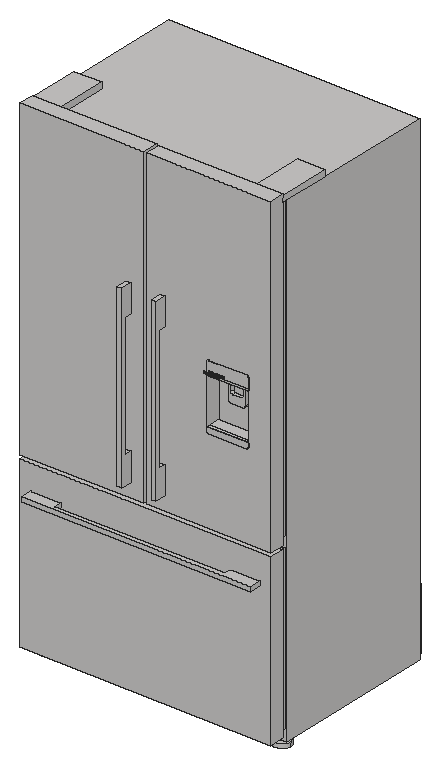
Revit family "FisherPaykel Fridge RF610ADUSX4", category Generic Models, Revit 2013
Parameters (values of type "Fisher&Paykel ActiveSmart™ Fridge - 900mm French Door with Ice & Water RF610ADUSX4")
  Width = 900.000 mm
  URL = "www.fisherpaykel.com"
  Manufacturer = "Fisher&Paykel"
  Fridge = Fridge
  Model = "RF610ADUSX4"
  Height = 1790.000 mm
  Description = "Fisher&Paykel ActiveSmart™ Fridge - 900mm French Door with Ice & Water RF610ADUSX4"
  Depth = 695.000 mm
  Brand = none
Reference planes
  plane 1 "Center (Front/Back)": y = 0
  plane 2: z = 0
  plane 3 "Center (Left/Right)": x = 0
  plane 4: x = -450
  plane 5: y = 347.5
  plane 6: y = -347.5
  plane 7: x = 450
  plane 8: z = 1790
  plane 9: y = -292.7
  plane 10: z = 24
  plane 11: z = 41.45
  plane 12: y = -388.5
  plane 13: x = -53.3
  plane 14: x = -68.7
  plane 15: z = 246
  plane 16: z = 1764
  plane 17: x = 449
  plane 18: x = 352
  plane 19: z = 255
  plane 20: z = 225
  plane 21: x = -430
  plane 22: z = 85
  plane 23: y = 367.5
  plane 24: y = -277.5
  plane 25: x = -442.5
  plane 26: x = 442.5
  plane 27: z = 14
  plane 28: x = 356
  plane 29: x = 216
  plane 30: z = 1148.5
  plane 31: z = 998.5
  plane 32: z = 1252
  plane 33: z = 968
  plane 34: x = -5
  plane 35: x = 5
  plane 36: x = 68.7
  plane 37: x = 53.3
  plane 38: z = 541.05
  plane 39: z = 556.45
  plane 40: z = 655.5
  plane 41: z = 668.583
  plane 42: z = 710.5
  plane 43: z = 1352.3
  plane 44: z = 1785
  plane 45: y = -97.5
  plane 46: x = -330
  plane 47: x = 357.5
  plane 48: y = 317.5
  plane 49: x = 413.5
  plane 50: x = 430
  plane 51: x = -305
  plane 52: x = 305
  plane 53: x = 216
  plane 54: z = 1148.5
Forms (mm)
  Extrusion 1, solid, material "Fridge" <- "Fridge"
    sketch origin (0, 0, 0) x (1, 0, 0) y (0, 1, 0)
      loop
        line (-450, 317.5) -> (-450, -277.5) -> (450, -277.5) -> (450, 317.5) -> (-450, 317.5)
    from 24 to 1764
  Extrusion 2, solid, material "Fridge" <- "Fridge"
    sketch origin (0, 0, 0) x (1, 0, 0) y (0, 0, 1)
      loop
        line (-450, 41.45) -> (450, 41.45) -> (450, 647.45) -> (-450, 647.45) -> (-450, 41.45)
      loop
        line (-450, 660.5) -> (-5, 660.5) -> (-5, 1790) -> (-450, 1790) -> (-450, 660.5)
      loop
        line (5, 1790) -> (5, 660.5) -> (450, 660.5) -> (450, 1790) -> (5, 1790)
    from 292.7 to 347.5
  Extrusion 3, solid, material "Fridge" <- "Fridge"
    sketch origin (0, 0, 0) x (0, 1, 0) y (0, 0, 1)
      loop
        line (-388.5, 1352.3) -> (-388.5, 710.5) -> (-347.5, 710.5) -> (-347.5, 810.8) -> (-374.5, 810.8) -> (-374.5, 1252) -> (-347.5, 1252) -> (-347.5, 1352.3) -> (-388.5, 1352.3)
    from -53.3 to -68.7
  Extrusion 4, solid, material "Fridge" <- "Fridge"
    sketch origin (22.5, 0, 0) x (1, 0, 0) y (0, 0, 1)
      loop
        circle (257.5, 85) r 5
    from -347.5 to -367.5
  Extrusion 5, solid, material "Fridge" <- "Fridge"
    sketch origin (0, 0, 0) x (0, 1, 0) y (0, 0, 1)
      loop
        line (-292.7, 62.7) -> (-277.5, 62.7) -> (-277.5, 642.7) -> (-292.7, 642.7) -> (-292.7, 62.7)
      loop
        line (-292.7, 683) -> (-277.5, 683) -> (-277.5, 1757.4) -> (-292.7, 1757.4) -> (-292.7, 683)
    from -442.5 to 442.5
  Extrusion 6, solid, material "Fridge" <- "Fridge"
    sketch origin (0, 0, 0) x (0, 1, 0) y (0, 0, 1)
      loop
        arc (-215.456, 24) -> (-190, 0) -> (-164.544, 24) r 25.5
        line (-164.544, 24) -> (-215.456, 24)
      loop
        line (276.956, 24) -> (226.044, 24)
        arc (226.044, 24) -> (251.5, 0) -> (276.956, 24) r 25.5
    from 376.65 to 393.35
  Extrusion 7, solid, material "Fridge" <- "Fridge"
    sketch origin (0, 0, 0) x (0, 1, 0) y (0, 0, -1)
      loop
        line (-215.456, -24) -> (-164.544, -24)
        arc (-164.544, -24) -> (-190, 0) -> (-215.456, -24) r 25.5
      loop
        arc (276.956, -24) -> (251.5, 0) -> (226.044, -24) r 25.5
        line (226.044, -24) -> (276.956, -24)
    from 376.65 to 393.35
  Extrusion 8, solid, material "Fridge" <- "Fridge"
    sketch origin (0, 0, 0) x (1, 0, 0) y (0, 0, 1)
      loop
        arc (227.5, 1201.1) -> (221.843, 1198.757) -> (219.5, 1193.1) r 8
        line (219.5, 1193.1) -> (219.5, 973.5)
        arc (219.5, 973.5) -> (221.843, 967.843) -> (227.5, 965.5) r 8
        line (227.5, 965.5) -> (362, 965.5)
        arc (362, 965.5) -> (367.657, 967.843) -> (370, 973.5) r 8
        line (370, 973.5) -> (370, 1193.1)
        arc (370, 1193.1) -> (367.657, 1198.757) -> (362, 1201.1) r 8
        line (362, 1201.1) -> (227.5, 1201.1)
    from 347.5 to 335.895
  Extrusion 9, solid, material "Fridge" <- "Fridge"
    sketch origin (0, 0, 0) x (0, 1, 0) y (0, 0, -1)
      loop
        line (-388.5, -1352.3) -> (-347.5, -1352.3) -> (-347.5, -1252) -> (-374.5, -1252) -> (-374.5, -810.8) -> (-347.5, -810.8) -> (-347.5, -710.5) -> (-388.5, -710.5) -> (-388.5, -1352.3)
    from -68.7 to -53.3
  Extrusion 10, solid, material "Fridge" <- "Fridge"
    sketch origin (985.25, 0, 629.414) x (0, 1, 0) y (-1, 0, 0)
      loop
        line (-388.5, 1395.25) -> (-388.5, 575.25) -> (-347.5, 575.25) -> (-347.5, 680.25) -> (-374.5, 680.25) -> (-374.5, 1290.25) -> (-347.5, 1290.25) -> (-347.5, 1395.25) -> (-388.5, 1395.25)
    from -72.964 to -88.364
  Extrusion 11, solid, material "Fridge" <- "Fridge"
    sketch origin (0, 0, 0) x (0, 1, 0) y (0, 0, 1)
      loop
        line (-104.905, 1785) -> (-292.7, 1785) -> (-292.7, 1764) -> (-104.905, 1764) -> (-104.905, 1785)
    from -450 to -351.271
  Extrusion 12, solid, material "Fridge" <- "Fridge"
    sketch origin (0, 0, 0) x (0, 1, 0) y (0, 0, 1)
      loop
        line (317.5, 24) -> (347.5, 24) -> (347.5, 248.82) -> (317.5, 278.82) -> (317.5, 24)
    from -430 to 430
  Extrusion 13, solid, material <- "Brand"
    sketch origin (257.19, -47.414, 1118.795) x (1, 0, 0) y (0, 0, 1)
      loop
        line (-30.953, 48.191) -> (-32.38, 42.834) -> (-31.094, 42.834) -> (-30.512, 45.035) -> (-27.529, 45.035) -> (-27.299, 45.885) -> (-30.282, 45.885) -> (-29.899, 47.34) -> (-26.756, 47.34) -> (-26.526, 48.191) -> (-30.953, 48.191)
      loop
        line (-26.37, 47.421) -> (-25.235, 47.421) -> (-25.024, 48.191) -> (-26.159, 48.191) -> (-26.37, 47.421)
      loop
        line (-26.592, 46.584) -> (-27.585, 42.834) -> (-26.45, 42.834) -> (-25.456, 46.584) -> (-26.592, 46.584)
      loop
        line (21.485, 42.834) -> (22.621, 42.834) -> (24.047, 48.191) -> (22.911, 48.191) -> (21.485, 42.834)
      loop
        spline (-19.682, 44.962) -> (-19.517, 45.32) -> (-19.341, 45.572) -> (-19.153, 45.737) -> (-18.952, 45.832) -> (-18.738, 45.876) -> (-18.508, 45.887) -> (-18.264, 45.882) -> (-18.022, 45.858) -> (-17.81, 45.8) -> (-17.657, 45.69) -> (-17.592, 45.513) -> (-17.643, 45.252)
        line (-17.643, 45.252) -> (-18.286, 42.834) -> (-17.152, 42.834) -> (-16.479, 45.379)
        spline (-16.479, 45.379) -> (-16.389, 45.941) -> (-16.539, 46.285) -> (-16.803, 46.475) -> (-17.067, 46.571) -> (-17.298, 46.611) -> (-17.511, 46.618) -> (-17.718, 46.618) -> (-17.94, 46.617) -> (-18.195, 46.613) -> (-18.507, 46.579) -> (-18.902, 46.407) -> (-19.41, 45.967)
        line (-19.41, 45.967) -> (-18.819, 48.191) -> (-19.953, 48.191) -> (-21.379, 42.834) -> (-20.244, 42.834) -> (-19.682, 44.962)
      loop
        line (-10.936, 46.584) -> (-11.93, 42.834) -> (-10.794, 42.834) -> (-10.213, 45.042)
        spline (-10.213, 45.042) -> (-10.076, 45.38) -> (-9.939, 45.609) -> (-9.796, 45.753) -> (-9.646, 45.834) -> (-9.484, 45.873) -> (-9.306, 45.893) -> (-9.115, 45.906) -> (-8.933, 45.895) -> (-8.784, 45.835) -> (-8.695, 45.704) -> (-8.689, 45.477) -> (-8.793, 45.132)
        line (-8.793, 45.132) -> (-7.722, 45.132)
        spline (-7.722, 45.132) -> (-7.605, 45.844) -> (-7.658, 46.21) -> (-7.808, 46.369) -> (-7.983, 46.455) -> (-8.159, 46.517) -> (-8.34, 46.555) -> (-8.531, 46.568) -> (-8.743, 46.561) -> (-8.983, 46.541) -> (-9.266, 46.475) -> (-9.612, 46.273) -> (-10.043, 45.842)
        line (-10.043, 45.842) -> (-9.801, 46.584) -> (-10.936, 46.584)
      loop
        line (9.569, 42.834) -> (10.392, 42.834)
        arc (10.392, 42.834) -> (10.001, 42.409) -> (9.549, 42.049) r 3.794
        arc (9.549, 42.049) -> (9.121, 41.885) -> (8.668, 41.959) r 0.881
        line (8.668, 41.959) -> (8.546, 41.188)
        arc (8.546, 41.188) -> (9.055, 41.176) -> (9.561, 41.241) r 3.394
        arc (9.561, 41.241) -> (10.199, 41.49) -> (10.719, 41.937) r 2.036
        arc (10.719, 41.937) -> (10.969, 42.261) -> (11.197, 42.601) r 6.112
        line (11.197, 42.601) -> (13.487, 46.584) -> (12.312, 46.584) -> (10.553, 43.42) -> (10.233, 46.584) -> (9.028, 46.584) -> (9.569, 42.834)
      loop
        line (14.08, 48.191) -> (12.646, 42.834) -> (13.782, 42.834) -> (14.223, 44.496) -> (15.035, 44.496) -> (16.119, 42.834) -> (17.378, 42.834) -> (15.943, 44.817) -> (18.042, 46.584) -> (16.873, 46.584) -> (15.227, 45.123) -> (14.395, 45.123) -> (15.206, 48.191) -> (14.08, 48.191)
      loop
        line (-1.576, 42.834) -> (-0.292, 42.834) -> (0.171, 44.56) -> (1.667, 44.56)
        spline (1.667, 44.56) -> (2.694, 44.606) -> (3.391, 44.734) -> (3.851, 44.93) -> (4.163, 45.179) -> (4.387, 45.479) -> (4.555, 45.835) -> (4.699, 46.253) -> (4.841, 46.732) -> (4.888, 47.232) -> (4.687, 47.686) -> (4.087, 48.027) -> (2.933, 48.191)
        line (2.933, 48.191) -> (-0.151, 48.191) -> (-1.576, 42.834)
      loop
        line (0.904, 47.34) -> (0.402, 45.444) -> (1.848, 45.444)
        spline (1.848, 45.444) -> (2.338, 45.429) -> (2.699, 45.492) -> (2.959, 45.62) -> (3.142, 45.799) -> (3.276, 46.016) -> (3.386, 46.255) -> (3.481, 46.504) -> (3.531, 46.746) -> (3.497, 46.966) -> (3.342, 47.149) -> (3.026, 47.279) -> (2.513, 47.34)
        line (2.513, 47.34) -> (0.904, 47.34)
      loop
        line (-14.963, 45.106) -> (-12.914, 45.106)
        spline (-12.914, 45.106) -> (-12.821, 45.458) -> (-12.859, 45.697) -> (-13.001, 45.845) -> (-13.218, 45.92) -> (-13.484, 45.946) -> (-13.77, 45.943) -> (-14.052, 45.926) -> (-14.315, 45.888) -> (-14.547, 45.807) -> (-14.739, 45.663) -> (-14.882, 45.436) -> (-14.963, 45.106)
      loop
        arc (-11.95, 44.545) -> (-11.803, 45.019) -> (-11.697, 45.504) r 5.692
        arc (-11.697, 45.504) -> (-11.756, 46.016) -> (-12.081, 46.416) r 0.918
        arc (-12.081, 46.416) -> (-13.12, 46.6) -> (-14.176, 46.585) r 5.573
        arc (-14.176, 46.585) -> (-15.14, 46.357) -> (-15.862, 45.678) r 1.918
        arc (-15.862, 45.678) -> (-16.288, 44.593) -> (-16.3, 43.427) r 3.23
        arc (-16.3, 43.427) -> (-15.896, 42.948) -> (-15.289, 42.794) r 1.025
        arc (-15.289, 42.794) -> (-14.279, 42.767) -> (-13.271, 42.836) r 10.666
        arc (-13.271, 42.836) -> (-12.426, 43.185) -> (-12.076, 44.03) r 1.194
        line (-12.076, 44.03) -> (-13.206, 44.03)
        spline (-13.206, 44.03) -> (-13.371, 43.751) -> (-13.583, 43.58) -> (-13.827, 43.493) -> (-14.091, 43.466) -> (-14.36, 43.476) -> (-14.621, 43.5) -> (-14.858, 43.532) -> (-15.056, 43.592) -> (-15.199, 43.702) -> (-15.268, 43.883) -> (-15.249, 44.157) -> (-15.124, 44.545)
        line (-15.124, 44.545) -> (-11.95, 44.545)
      loop
        line (18.517, 45.123) -> (20.565, 45.123)
        spline (20.565, 45.123) -> (20.658, 45.475) -> (20.62, 45.714) -> (20.479, 45.861) -> (20.262, 45.937) -> (19.996, 45.963) -> (19.709, 45.959) -> (19.427, 45.943) -> (19.165, 45.905) -> (18.932, 45.824) -> (18.74, 45.68) -> (18.598, 45.453) -> (18.517, 45.123)
      loop
        arc (21.53, 44.562) -> (21.677, 45.036) -> (21.782, 45.521) r 5.692
        arc (21.782, 45.521) -> (21.724, 46.033) -> (21.399, 46.432) r 0.918
        arc (21.399, 46.432) -> (20.359, 46.617) -> (19.303, 46.602) r 5.573
        arc (19.303, 46.602) -> (18.339, 46.374) -> (17.617, 45.695) r 1.918
        arc (17.617, 45.695) -> (17.192, 44.61) -> (17.179, 43.444) r 3.23
        arc (17.179, 43.444) -> (17.583, 42.965) -> (18.191, 42.811) r 1.025
        arc (18.191, 42.811) -> (19.201, 42.784) -> (20.209, 42.852) r 10.666
        arc (20.209, 42.852) -> (21.053, 43.202) -> (21.403, 44.047) r 1.194
        line (21.403, 44.047) -> (20.274, 44.047)
        spline (20.274, 44.047) -> (20.109, 43.768) -> (19.897, 43.597) -> (19.652, 43.51) -> (19.389, 43.483) -> (19.119, 43.493) -> (18.859, 43.517) -> (18.621, 43.549) -> (18.423, 43.609) -> (18.281, 43.719) -> (18.211, 43.9) -> (18.231, 44.174) -> (18.355, 44.562)
        line (18.355, 44.562) -> (21.53, 44.562)
      loop
        spline (8.727, 45.284) -> (8.767, 45.928) -> (8.592, 46.284) -> (8.282, 46.453) -> (7.919, 46.532) -> (7.547, 46.581) -> (7.16, 46.613) -> (6.754, 46.635) -> (6.321, 46.653) -> (5.868, 46.636) -> (5.423, 46.498) -> (5.014, 46.149) -> (4.67, 45.5)
        line (4.67, 45.5) -> (5.814, 45.5)
        arc (5.814, 45.5) -> (5.967, 45.868) -> (6.335, 46.02) r 0.521
        arc (6.335, 46.02) -> (6.897, 46.061) -> (7.449, 45.943) r 2.007
        arc (7.449, 45.943) -> (7.583, 45.269) -> (7.371, 44.615) r 1.364
        spline (7.371, 44.615) -> (6.424, 45.044) -> (5.63, 45.037) -> (5.005, 44.895) -> (4.533, 44.62) -> (4.211, 44.207) -> (4.069, 43.733) -> (4.108, 43.327) -> (4.335, 43.062) -> (4.808, 42.891) -> (5.514, 42.795) -> (6.382, 42.886) -> (7.26, 43.62)
        line (7.26, 43.62) -> (6.939, 42.834) -> (8.074, 42.834) -> (8.727, 45.284)
      loop
        spline (-25.881, 44.015) -> (-25.255, 42.812) -> (-23.957, 42.72) -> (-22.857, 42.862) -> (-22.011, 43.217) -> (-21.479, 43.851) -> (-21.425, 44.564) -> (-22.045, 44.999) -> (-23.23, 45.073) -> (-24.086, 45.198) -> (-24.196, 45.636) -> (-23.255, 46.038) -> (-22.313, 45.557)
        line (-22.313, 45.557) -> (-21.218, 45.557)
        spline (-21.218, 45.557) -> (-21.772, 46.528) -> (-22.971, 46.655) -> (-24.028, 46.598) -> (-24.852, 46.281) -> (-25.276, 45.566) -> (-25.313, 44.789) -> (-24.554, 44.462) -> (-23.468, 44.41) -> (-22.718, 44.271) -> (-22.607, 43.826) -> (-23.648, 43.358) -> (-24.592, 44.015)
        line (-24.592, 44.015) -> (-25.881, 44.015)
      loop
        arc (-2.802, 43.918) -> (-2.582, 44.437) -> (-2.453, 44.986) r 3.302
        line (-2.453, 44.986) -> (-3.196, 45.227)
        arc (-3.196, 45.227) -> (-3.295, 44.819) -> (-3.413, 44.415) r 8.608
        line (-3.413, 44.415) -> (-4.724, 45.477)
        spline (-4.724, 45.477) -> (-2.926, 45.913) -> (-2.429, 46.343) -> (-2.214, 46.922) -> (-2.312, 47.512) -> (-2.737, 47.807) -> (-3.315, 47.955) -> (-3.996, 48.038) -> (-4.775, 48.04) -> (-5.5, 47.89) -> (-6.064, 47.528) -> (-6.458, 46.921) -> (-6.256, 45.661)
        spline (-6.256, 45.661) -> (-7.342, 45.209) -> (-7.649, 44.733) -> (-7.781, 44.258) -> (-7.865, 43.731) -> (-7.774, 43.274) -> (-7.431, 43.02) -> (-6.975, 42.879) -> (-6.484, 42.802) -> (-5.939, 42.775) -> (-5.243, 42.772) -> (-4.344, 42.861) -> (-3.352, 43.364)
        line (-3.352, 43.364) -> (-2.466, 42.663) -> (-1.914, 43.215) -> (-2.802, 43.918)
      loop
        spline (-5.654, 45.33) -> (-6.41, 45.069) -> (-6.703, 44.63) -> (-6.848, 44.173) -> (-6.91, 43.787) -> (-6.825, 43.52) -> (-6.595, 43.372) -> (-6.273, 43.299) -> (-5.886, 43.268) -> (-5.406, 43.26) -> (-4.799, 43.263) -> (-4.149, 43.364) -> (-3.637, 43.735)
        line (-3.637, 43.735) -> (-5.654, 45.33)
      loop
        line (-5.087, 45.771) -> (-4.053, 45.935)
        spline (-4.053, 45.935) -> (-3.356, 46.297) -> (-3.248, 46.698) -> (-3.281, 46.97) -> (-3.456, 47.117) -> (-3.774, 47.172) -> (-4.164, 47.178) -> (-4.56, 47.158) -> (-4.909, 47.108) -> (-5.187, 47.005) -> (-5.427, 46.785) -> (-5.548, 46.388) -> (-5.087, 45.771)
      loop
        arc (6.715, 43.641) -> (6.681, 44.18) -> (6.217, 44.456) r 0.578
        arc (6.217, 44.456) -> (5.822, 44.446) -> (5.434, 44.377) r 2.611
        arc (5.434, 44.377) -> (5.07, 44.096) -> (5.024, 43.64) r 0.582
        arc (5.024, 43.64) -> (5.404, 43.436) -> (5.819, 43.315) r 2.102
        arc (5.819, 43.315) -> (6.311, 43.356) -> (6.715, 43.641) r 0.942
    from 300.086 to 300.529
  Extrusion 14, solid, material "Fridge" <- "Fridge"
    sketch origin (104.5, -15.4, 0) x (1, 0, 0) y (0, 1, 0)
      loop
        circle (315.5, -243.5) r 30
      loop
        circle (-524.5, -243.5) r 30
    from 0 to 14
  Extrusion 15, solid, material "Fridge" <- "Fridge"
    sketch origin (104.4, -15.4, 0) x (1, 0, 0) y (0, 1, 0)
      loop
        circle (315.5, -243.5) r 5
      loop
        circle (-524.3, -243.5) r 5
    from 14 to 24
  Extrusion 16, solid, material "Fridge" <- "Fridge"
    sketch origin (0, 0, 0) x (0, 1, 0) y (0, 0, -1)
      loop
        line (-104.905, -1785) -> (-104.905, -1764) -> (-292.7, -1764) -> (-292.7, -1785) -> (-104.905, -1785)
    from -450 to -351.271
  Extrusion 17, solid, material <- "Brand", not visible
    sketch origin (241.818, -47.414, 1112.666) x (1, 0, 0) y (0, 0, 1)
      loop
        line (-30.953, 48.191) -> (-32.38, 42.834) -> (-31.094, 42.834) -> (-30.512, 45.035) -> (-27.529, 45.035) -> (-27.299, 45.885) -> (-30.282, 45.885) -> (-29.899, 47.34) -> (-26.756, 47.34) -> (-26.526, 48.191) -> (-30.953, 48.191)
      loop
        line (-26.37, 47.421) -> (-25.235, 47.421) -> (-25.024, 48.191) -> (-26.159, 48.191) -> (-26.37, 47.421)
      loop
        line (-26.592, 46.584) -> (-27.585, 42.834) -> (-26.45, 42.834) -> (-25.456, 46.584) -> (-26.592, 46.584)
      loop
        line (21.485, 42.834) -> (22.621, 42.834) -> (24.047, 48.191) -> (22.911, 48.191) -> (21.485, 42.834)
      loop
        spline (-19.682, 44.962) -> (-19.517, 45.32) -> (-19.341, 45.572) -> (-19.153, 45.737) -> (-18.952, 45.832) -> (-18.738, 45.876) -> (-18.508, 45.887) -> (-18.264, 45.882) -> (-18.022, 45.858) -> (-17.81, 45.8) -> (-17.657, 45.69) -> (-17.592, 45.513) -> (-17.643, 45.252)
        line (-17.643, 45.252) -> (-18.286, 42.834) -> (-17.152, 42.834) -> (-16.479, 45.379)
        spline (-16.479, 45.379) -> (-16.389, 45.941) -> (-16.539, 46.285) -> (-16.803, 46.475) -> (-17.067, 46.571) -> (-17.298, 46.611) -> (-17.511, 46.618) -> (-17.718, 46.618) -> (-17.94, 46.617) -> (-18.195, 46.613) -> (-18.507, 46.579) -> (-18.902, 46.407) -> (-19.41, 45.967)
        line (-19.41, 45.967) -> (-18.819, 48.191) -> (-19.953, 48.191) -> (-21.379, 42.834) -> (-20.244, 42.834) -> (-19.682, 44.962)
      loop
        line (-10.936, 46.584) -> (-11.93, 42.834) -> (-10.794, 42.834) -> (-10.213, 45.042)
        spline (-10.213, 45.042) -> (-10.076, 45.38) -> (-9.939, 45.609) -> (-9.796, 45.753) -> (-9.646, 45.834) -> (-9.484, 45.873) -> (-9.306, 45.893) -> (-9.115, 45.906) -> (-8.933, 45.895) -> (-8.784, 45.835) -> (-8.695, 45.704) -> (-8.689, 45.477) -> (-8.793, 45.132)
        line (-8.793, 45.132) -> (-7.722, 45.132)
        spline (-7.722, 45.132) -> (-7.605, 45.844) -> (-7.658, 46.21) -> (-7.808, 46.369) -> (-7.983, 46.455) -> (-8.159, 46.517) -> (-8.34, 46.555) -> (-8.531, 46.568) -> (-8.743, 46.561) -> (-8.983, 46.541) -> (-9.266, 46.475) -> (-9.612, 46.273) -> (-10.043, 45.842)
        line (-10.043, 45.842) -> (-9.801, 46.584) -> (-10.936, 46.584)
      loop
        line (9.569, 42.834) -> (10.392, 42.834)
        arc (10.392, 42.834) -> (10.001, 42.409) -> (9.549, 42.049) r 3.794
        arc (9.549, 42.049) -> (9.121, 41.885) -> (8.668, 41.959) r 0.881
        line (8.668, 41.959) -> (8.546, 41.188)
        arc (8.546, 41.188) -> (9.055, 41.176) -> (9.561, 41.241) r 3.394
        arc (9.561, 41.241) -> (10.199, 41.49) -> (10.719, 41.937) r 2.036
        arc (10.719, 41.937) -> (10.969, 42.261) -> (11.197, 42.601) r 6.112
        line (11.197, 42.601) -> (13.487, 46.584) -> (12.312, 46.584) -> (10.553, 43.42) -> (10.233, 46.584) -> (9.028, 46.584) -> (9.569, 42.834)
      loop
        line (14.08, 48.191) -> (12.646, 42.834) -> (13.782, 42.834) -> (14.223, 44.496) -> (15.035, 44.496) -> (16.119, 42.834) -> (17.378, 42.834) -> (15.943, 44.817) -> (18.042, 46.584) -> (16.873, 46.584) -> (15.227, 45.123) -> (14.395, 45.123) -> (15.206, 48.191) -> (14.08, 48.191)
      loop
        line (-1.576, 42.834) -> (-0.292, 42.834) -> (0.171, 44.56) -> (1.667, 44.56)
        spline (1.667, 44.56) -> (2.694, 44.606) -> (3.391, 44.734) -> (3.851, 44.93) -> (4.163, 45.179) -> (4.387, 45.479) -> (4.555, 45.835) -> (4.699, 46.253) -> (4.841, 46.732) -> (4.888, 47.232) -> (4.687, 47.686) -> (4.087, 48.027) -> (2.933, 48.191)
        line (2.933, 48.191) -> (-0.151, 48.191) -> (-1.576, 42.834)
      loop
        line (0.904, 47.34) -> (0.402, 45.444) -> (1.848, 45.444)
        spline (1.848, 45.444) -> (2.338, 45.429) -> (2.699, 45.492) -> (2.959, 45.62) -> (3.142, 45.799) -> (3.276, 46.016) -> (3.386, 46.255) -> (3.481, 46.504) -> (3.531, 46.746) -> (3.497, 46.966) -> (3.342, 47.149) -> (3.026, 47.279) -> (2.513, 47.34)
        line (2.513, 47.34) -> (0.904, 47.34)
      loop
        line (-14.963, 45.106) -> (-12.914, 45.106)
        spline (-12.914, 45.106) -> (-12.821, 45.458) -> (-12.859, 45.697) -> (-13.001, 45.845) -> (-13.218, 45.92) -> (-13.484, 45.946) -> (-13.77, 45.943) -> (-14.052, 45.926) -> (-14.315, 45.888) -> (-14.547, 45.807) -> (-14.739, 45.663) -> (-14.882, 45.436) -> (-14.963, 45.106)
      loop
        arc (-11.95, 44.545) -> (-11.803, 45.019) -> (-11.697, 45.504) r 5.692
        arc (-11.697, 45.504) -> (-11.756, 46.016) -> (-12.081, 46.416) r 0.918
        arc (-12.081, 46.416) -> (-13.12, 46.6) -> (-14.176, 46.585) r 5.573
        arc (-14.176, 46.585) -> (-15.14, 46.357) -> (-15.862, 45.678) r 1.918
        arc (-15.862, 45.678) -> (-16.288, 44.593) -> (-16.3, 43.427) r 3.23
        arc (-16.3, 43.427) -> (-15.896, 42.948) -> (-15.289, 42.794) r 1.025
        arc (-15.289, 42.794) -> (-14.279, 42.767) -> (-13.271, 42.836) r 10.666
        arc (-13.271, 42.836) -> (-12.426, 43.185) -> (-12.076, 44.03) r 1.194
        line (-12.076, 44.03) -> (-13.206, 44.03)
        spline (-13.206, 44.03) -> (-13.371, 43.751) -> (-13.583, 43.58) -> (-13.827, 43.493) -> (-14.091, 43.466) -> (-14.36, 43.476) -> (-14.621, 43.5) -> (-14.858, 43.532) -> (-15.056, 43.592) -> (-15.199, 43.702) -> (-15.268, 43.883) -> (-15.249, 44.157) -> (-15.124, 44.545)
        line (-15.124, 44.545) -> (-11.95, 44.545)
      loop
        line (18.517, 45.123) -> (20.565, 45.123)
        spline (20.565, 45.123) -> (20.658, 45.475) -> (20.62, 45.714) -> (20.479, 45.861) -> (20.262, 45.937) -> (19.996, 45.963) -> (19.709, 45.959) -> (19.427, 45.943) -> (19.165, 45.905) -> (18.932, 45.824) -> (18.74, 45.68) -> (18.598, 45.453) -> (18.517, 45.123)
      loop
        arc (21.53, 44.562) -> (21.677, 45.036) -> (21.782, 45.521) r 5.692
        arc (21.782, 45.521) -> (21.724, 46.033) -> (21.399, 46.432) r 0.918
        arc (21.399, 46.432) -> (20.359, 46.617) -> (19.303, 46.602) r 5.573
        arc (19.303, 46.602) -> (18.339, 46.374) -> (17.617, 45.695) r 1.918
        arc (17.617, 45.695) -> (17.192, 44.61) -> (17.179, 43.444) r 3.23
        arc (17.179, 43.444) -> (17.583, 42.965) -> (18.191, 42.811) r 1.025
        arc (18.191, 42.811) -> (19.201, 42.784) -> (20.209, 42.852) r 10.666
        arc (20.209, 42.852) -> (21.053, 43.202) -> (21.403, 44.047) r 1.194
        line (21.403, 44.047) -> (20.274, 44.047)
        spline (20.274, 44.047) -> (20.109, 43.768) -> (19.897, 43.597) -> (19.652, 43.51) -> (19.389, 43.483) -> (19.119, 43.493) -> (18.859, 43.517) -> (18.621, 43.549) -> (18.423, 43.609) -> (18.281, 43.719) -> (18.211, 43.9) -> (18.231, 44.174) -> (18.355, 44.562)
        line (18.355, 44.562) -> (21.53, 44.562)
      loop
        spline (8.727, 45.284) -> (8.767, 45.928) -> (8.592, 46.284) -> (8.282, 46.453) -> (7.919, 46.532) -> (7.547, 46.581) -> (7.16, 46.613) -> (6.754, 46.635) -> (6.321, 46.653) -> (5.868, 46.636) -> (5.423, 46.498) -> (5.014, 46.149) -> (4.67, 45.5)
        line (4.67, 45.5) -> (5.814, 45.5)
        arc (5.814, 45.5) -> (5.967, 45.868) -> (6.335, 46.02) r 0.521
        arc (6.335, 46.02) -> (6.897, 46.061) -> (7.449, 45.943) r 2.007
        arc (7.449, 45.943) -> (7.583, 45.269) -> (7.371, 44.615) r 1.364
        spline (7.371, 44.615) -> (6.424, 45.044) -> (5.63, 45.037) -> (5.005, 44.895) -> (4.533, 44.62) -> (4.211, 44.207) -> (4.069, 43.733) -> (4.108, 43.327) -> (4.335, 43.062) -> (4.808, 42.891) -> (5.514, 42.795) -> (6.382, 42.886) -> (7.26, 43.62)
        line (7.26, 43.62) -> (6.939, 42.834) -> (8.074, 42.834) -> (8.727, 45.284)
      loop
        spline (-25.881, 44.015) -> (-25.255, 42.812) -> (-23.957, 42.72) -> (-22.857, 42.862) -> (-22.011, 43.217) -> (-21.479, 43.851) -> (-21.425, 44.564) -> (-22.045, 44.999) -> (-23.23, 45.073) -> (-24.086, 45.198) -> (-24.196, 45.636) -> (-23.255, 46.038) -> (-22.313, 45.557)
        line (-22.313, 45.557) -> (-21.218, 45.557)
        spline (-21.218, 45.557) -> (-21.772, 46.528) -> (-22.971, 46.655) -> (-24.028, 46.598) -> (-24.852, 46.281) -> (-25.276, 45.566) -> (-25.313, 44.789) -> (-24.554, 44.462) -> (-23.468, 44.41) -> (-22.718, 44.271) -> (-22.607, 43.826) -> (-23.648, 43.358) -> (-24.592, 44.015)
        line (-24.592, 44.015) -> (-25.881, 44.015)
      loop
        arc (-2.802, 43.918) -> (-2.582, 44.437) -> (-2.453, 44.986) r 3.302
        line (-2.453, 44.986) -> (-3.196, 45.227)
        arc (-3.196, 45.227) -> (-3.295, 44.819) -> (-3.413, 44.415) r 8.608
        line (-3.413, 44.415) -> (-4.724, 45.477)
        spline (-4.724, 45.477) -> (-2.926, 45.913) -> (-2.429, 46.343) -> (-2.214, 46.922) -> (-2.312, 47.512) -> (-2.737, 47.807) -> (-3.315, 47.955) -> (-3.996, 48.038) -> (-4.775, 48.04) -> (-5.5, 47.89) -> (-6.064, 47.528) -> (-6.458, 46.921) -> (-6.256, 45.661)
        spline (-6.256, 45.661) -> (-7.342, 45.209) -> (-7.649, 44.733) -> (-7.781, 44.258) -> (-7.865, 43.731) -> (-7.774, 43.274) -> (-7.431, 43.02) -> (-6.975, 42.879) -> (-6.484, 42.802) -> (-5.939, 42.775) -> (-5.243, 42.772) -> (-4.344, 42.861) -> (-3.352, 43.364)
        line (-3.352, 43.364) -> (-2.466, 42.663) -> (-1.914, 43.215) -> (-2.802, 43.918)
      loop
        spline (-5.654, 45.33) -> (-6.41, 45.069) -> (-6.703, 44.63) -> (-6.848, 44.173) -> (-6.91, 43.787) -> (-6.825, 43.52) -> (-6.595, 43.372) -> (-6.273, 43.299) -> (-5.886, 43.268) -> (-5.406, 43.26) -> (-4.799, 43.263) -> (-4.149, 43.364) -> (-3.637, 43.735)
        line (-3.637, 43.735) -> (-5.654, 45.33)
      loop
        line (-5.087, 45.771) -> (-4.053, 45.935)
        spline (-4.053, 45.935) -> (-3.356, 46.297) -> (-3.248, 46.698) -> (-3.281, 46.97) -> (-3.456, 47.117) -> (-3.774, 47.172) -> (-4.164, 47.178) -> (-4.56, 47.158) -> (-4.909, 47.108) -> (-5.187, 47.005) -> (-5.427, 46.785) -> (-5.548, 46.388) -> (-5.087, 45.771)
      loop
        arc (6.715, 43.641) -> (6.681, 44.18) -> (6.217, 44.456) r 0.578
        arc (6.217, 44.456) -> (5.822, 44.446) -> (5.434, 44.377) r 2.611
        arc (5.434, 44.377) -> (5.07, 44.096) -> (5.024, 43.64) r 0.582
        arc (5.024, 43.64) -> (5.404, 43.436) -> (5.819, 43.315) r 2.102
        arc (5.819, 43.315) -> (6.311, 43.356) -> (6.715, 43.641) r 0.942
    from 300.086 to 300.529
  Extrusion 18, solid, material "Fridge" <- "Fridge"
    sketch origin (-16.377, 12.38, 0) x (1, 0, 0) y (0, 0, 1)
      loop
        line (281.127, 1152.6) -> (281.127, 1070.6)
        arc (281.127, 1070.6) -> (283.47, 1064.943) -> (289.127, 1062.6) r 8
        line (289.127, 1062.6) -> (333.127, 1062.6)
        arc (333.127, 1062.6) -> (338.784, 1064.943) -> (341.127, 1070.6) r 8
        line (341.127, 1070.6) -> (341.127, 1152.6) -> (334.627, 1152.6) -> (334.627, 1099.1)
        arc (334.627, 1099.1) -> (332.43, 1093.797) -> (327.127, 1091.6) r 7.5
        line (327.127, 1091.6) -> (295.127, 1091.6)
        arc (295.127, 1091.6) -> (289.824, 1093.797) -> (287.627, 1099.1) r 7.5
        line (287.627, 1099.1) -> (287.627, 1152.6) -> (281.127, 1152.6)
    from 318.244 to 305.08
  Extrusion 19, solid, material "Fridge" <- "Fridge"
    sketch origin (-17.48, 12.38, 0) x (1, 0, 0) y (0, 0, 1)
      loop
        line (304.73, 1152.6) -> (304.73, 1144.6) -> (319.73, 1144.6) -> (319.73, 1152.6) -> (304.73, 1152.6)
    from 305.08 to 318.244
  Extrusion 20, void
    sketch origin (0, 0, 0) x (1, 0, 0) y (0, 0, 1)
      loop
        line (219.5, 985.5) -> (370, 985.5) -> (370, 1152.6) -> (219.5, 1152.6) -> (219.5, 985.5)
    from 292.7 to 353.145
  Extrusion 21, void
    sketch origin (0, 0, 0) x (1, 0, 0) y (0, 0, 1)
      loop
        line (220, 1158.1) -> (220, 1152.6) -> (369.5, 1152.6) -> (369.5, 1158.1) -> (220, 1158.1)
    from 344.5 to 356.376
Cuts and joins
  Extrusion 20, Extrusion 21 cuts Extrusion 1
  Extrusion 20 cuts Extrusion 2
  Extrusion 20, Extrusion 21 cuts Extrusion 8
Dimensions and locks
  equal spacing: plane 4, plane 3 "Center (Left/Right)", plane 7
  equal spacing: plane 5, plane 1 "Center (Front/Back)", plane 6
  "Depth": plane 5 to plane 6
  "Width": plane 4 to plane 7
  "Height": plane 8 to level
  plane 11 to plane 10 to level = 17.450 mm, 24.000 mm
  plane 12 to plane 6 = 41.000 mm
  plane 4 to plane 14 to plane 13 = 381.300 mm, 15.400 mm
  plane 16 to level = 1764.000 mm
  plane 18 to plane 17 to plane 7 = 97.000 mm, 1.000 mm
  level to plane 20 to plane 19 = 225.000 mm, 30.000 mm
  plane 4 to plane 21 = 20.000 mm
  plane 22 to plane 10 = 61.000 mm
  plane 24 to plane 9 = 15.200 mm
  plane 4 to plane 25 = 7.500 mm
  plane 7 to plane 26 = 7.500 mm
  plane 10 to plane 27 = 10.000 mm
  plane 7 to plane 28 to plane 29 = 94.000 mm, 140.000 mm
  plane 8 to plane 30 to plane 31 = 641.500 mm, 150.000 mm
  plane 6 to plane 9 to plane 24 = 54.800 mm, 15.200 mm
  plane 24 to plane 5 = 625.000 mm
  plane 15 to level = 246.000 mm
  plane 35 to plane 3 "Center (Left/Right)" to plane 34 = 5.000 mm, 5.000 mm
  plane 14 to plane 13 to plane 3 "Center (Left/Right)" = 15.400 mm, 53.300 mm
  plane 36 to plane 37 to plane 3 "Center (Left/Right)" = 15.400 mm, 53.300 mm
  plane 38 to level = 541.050 mm
  plane 39 to level = 556.450 mm
  plane 40 to level = 655.500 mm
  plane 41 to level = 668.583 mm
  plane 42 to level = 710.500 mm
  plane 43 to level = 1352.300 mm
  plane 44 to plane 16 = 21.000 mm
  plane 45 to plane 24 = 180.000 mm
  plane 46 to plane 21 = 100.000 mm
  plane 50 to plane 7 = 20.000 mm
  cut or joined group of Extrusion 2, Extrusion 20 to cut or joined group of Extrusion 2, Extrusion 20 = 54.800 mm
  aligned and locked: plane 2 to level
  aligned and locked: plane 4 to Extrusion 1 sketch curve
  aligned and locked: plane 7 to Extrusion 1 sketch curve
  aligned and locked: Extrusion 1 to plane 10
  aligned and locked: Extrusion 2 sketch curve to plane 4  (x2)
  aligned and locked: Extrusion 2 sketch curve to plane 7
  aligned and locked: plane 6 to Extrusion 2
  aligned and locked: plane 12 to Extrusion 3 sketch curve
  aligned and locked: Extrusion 3 sketch curve to plane 6
  aligned and locked: plane 13 to Extrusion 3
  aligned and locked: Extrusion 3 to plane 14
  aligned and locked: Extrusion 2 sketch curve to plane 8
  aligned and locked: Extrusion 1 sketch curve to plane 24
  aligned and locked: Extrusion 5 sketch curve to plane 24  (x2)
  aligned and locked: plane 9 to Extrusion 5 sketch curve
  aligned and locked: plane 25 to Extrusion 5
  aligned and locked: plane 26 to Extrusion 5
  aligned and locked: Extrusion 1 to Extrusion 6 sketch curve
  aligned and locked: Extrusion 8 to plane 6
  aligned and locked: plane 34 to Extrusion 2 sketch curve
  aligned and locked: plane 8 to Extrusion 2 sketch curve
  aligned and locked: Extrusion 2 sketch curve to plane 35
  aligned and locked: Extrusion 9 to plane 37
  aligned and locked: plane 36 to Extrusion 9
  aligned and locked: plane 39 to Extrusion 10
  aligned and locked: plane 38 to Extrusion 10
  aligned and locked: Extrusion 3 sketch curve to plane 42
  aligned and locked: Extrusion 3 sketch curve to plane 43
  aligned and locked: Extrusion 9 sketch curve to plane 43
  aligned and locked: Extrusion 9 sketch curve to plane 42
  aligned and locked: plane 44 to Extrusion 11 sketch curve
  aligned and locked: Extrusion 11 sketch curve to Extrusion 1
  aligned and locked: Extrusion 1 sketch curve to plane 48
  aligned and locked: Extrusion 12 sketch curve to plane 10
  aligned and locked: Extrusion 12 sketch curve to plane 48
  aligned and locked: Extrusion 3 to plane 32
  aligned and locked: plane 9 to Extrusion 11 sketch curve
  aligned and locked: plane 5 to Extrusion 12
  aligned and locked: Extrusion 4 to plane 5
  aligned and locked: plane 23 to Extrusion 4
  aligned and locked: cut or joined group of Extrusion 2, Extrusion 20 to Extrusion 5 sketch curve
  aligned and locked: plane 9 to cut or joined group of Extrusion 2, Extrusion 20
  aligned and locked: plane 11 to cut or joined group of Extrusion 2, Extrusion 20
Automatic sketch dimensions
  Extrusion 13 sketch curve to Extrusion 13 sketch curve = 1.286 mm
  Extrusion 13 sketch curve to Extrusion 13 sketch curve = 0.582 mm
  Extrusion 13 sketch curve to Extrusion 13 sketch curve = 0.231 mm  (x2)
  Extrusion 13 sketch curve to Extrusion 13 sketch curve = 1.055 mm  (x2)
  Extrusion 13 sketch curve to Extrusion 13 sketch curve = 0.230 mm
  Extrusion 13 sketch curve to Extrusion 13 sketch curve = 0.165 mm
  Extrusion 13 sketch curve to Extrusion 13 sketch curve = 0.386 mm
  Extrusion 13 sketch curve to Extrusion 13 sketch curve = 2.279 mm
  Extrusion 13 sketch curve to Extrusion 13 sketch curve = 0.934 mm
  Extrusion 13 sketch curve to Extrusion 13 sketch curve = 1.095 mm
  Extrusion 13 sketch curve to Extrusion 13 sketch curve = 1.135 mm  (x6)
  Extrusion 13 sketch curve to Extrusion 13 sketch curve = 1.265 mm
  Extrusion 13 sketch curve to Extrusion 13 sketch curve = 1.536 mm
  Extrusion 13 sketch curve to Extrusion 13 sketch curve = 0.272 mm
  Extrusion 13 sketch curve to Extrusion 13 sketch curve = 1.134 mm
  Extrusion 13 sketch curve to Extrusion 13 sketch curve = 1.958 mm
  Extrusion 13 sketch curve to Extrusion 13 sketch curve = 1.767 mm
  Extrusion 13 sketch curve to Extrusion 13 sketch curve = 1.164 mm
  Extrusion 13 sketch curve to Extrusion 13 sketch curve = 1.355 mm  (x2)
  Extrusion 13 sketch curve to Extrusion 13 sketch curve = 0.161 mm  (x3)
  Extrusion 13 sketch curve to Extrusion 13 sketch curve = 1.918 mm  (x2)
  Extrusion 13 sketch curve to Extrusion 13 sketch curve = 0.291 mm  (x2)
  Extrusion 13 sketch curve to Extrusion 13 sketch curve = 1.129 mm  (x2)
  Extrusion 13 sketch curve to Extrusion 13 sketch curve = 0.127 mm  (x3)
  Extrusion 13 sketch curve to Extrusion 13 sketch curve = 0.146 mm
  Extrusion 13 sketch curve to Extrusion 13 sketch curve = 1.014 mm
  Extrusion 13 sketch curve to Extrusion 13 sketch curve = 1.136 mm  (x2)
  Extrusion 13 sketch curve to Extrusion 13 sketch curve = 0.723 mm
  Extrusion 13 sketch curve to Extrusion 13 sketch curve = 0.170 mm
  Extrusion 13 sketch curve to Extrusion 13 sketch curve = 0.241 mm  (x2)
  Extrusion 13 sketch curve to Extrusion 13 sketch curve = 1.420 mm
  Extrusion 13 sketch curve to Extrusion 13 sketch curve = 1.071 mm
  Extrusion 13 sketch curve to Extrusion 13 sketch curve = 1.466 mm
  Extrusion 13 sketch curve to Extrusion 13 sketch curve = 0.602 mm
  Extrusion 13 sketch curve to Extrusion 13 sketch curve = 0.567 mm
  Extrusion 13 sketch curve to Extrusion 13 sketch curve = 0.363 mm
  Extrusion 13 sketch curve to Extrusion 13 sketch curve = 0.671 mm
  Extrusion 13 sketch curve to Extrusion 13 sketch curve = 1.087 mm
  Extrusion 13 sketch curve to Extrusion 13 sketch curve = 0.224 mm
  Extrusion 13 sketch curve to Extrusion 13 sketch curve = 0.285 mm
  Extrusion 13 sketch curve to Extrusion 13 sketch curve = 0.217 mm
  Extrusion 13 sketch curve to Extrusion 13 sketch curve = 0.550 mm
  Extrusion 13 sketch curve to Extrusion 13 sketch curve = 0.886 mm
  Extrusion 13 sketch curve to Extrusion 13 sketch curve = 0.743 mm  (x2)
  Extrusion 13 sketch curve to Extrusion 13 sketch curve = 0.552 mm
  Extrusion 13 sketch curve to Extrusion 13 sketch curve = 0.338 mm
  Extrusion 13 sketch curve to Extrusion 13 sketch curve = 1.285 mm
  Extrusion 13 sketch curve to Extrusion 13 sketch curve = 2.302 mm
  Extrusion 13 sketch curve to Extrusion 13 sketch curve = 0.462 mm
  Extrusion 13 sketch curve to Extrusion 13 sketch curve = 1.496 mm
  Extrusion 13 sketch curve to Extrusion 13 sketch curve = 0.181 mm
  Extrusion 13 sketch curve to Extrusion 13 sketch curve = 1.609 mm
  Extrusion 13 sketch curve to Extrusion 13 sketch curve = 0.419 mm
  Extrusion 13 sketch curve to Extrusion 13 sketch curve = 2.822 mm
  Extrusion 13 sketch curve to Extrusion 13 sketch curve = 1.144 mm
  Extrusion 13 sketch curve to Extrusion 13 sketch curve = 1.125 mm
  Extrusion 13 sketch curve to Extrusion 13 sketch curve = 0.321 mm  (x2)
  Extrusion 13 sketch curve to Extrusion 13 sketch curve = 0.111 mm
  Extrusion 13 sketch curve to Extrusion 13 sketch curve = 0.814 mm
  Extrusion 13 sketch curve to Extrusion 13 sketch curve = 0.472 mm
  Extrusion 13 sketch curve to Extrusion 13 sketch curve = 0.122 mm
  Extrusion 13 sketch curve to Extrusion 13 sketch curve = 0.302 mm
  Extrusion 13 sketch curve to Extrusion 13 sketch curve = 0.901 mm
  Extrusion 13 sketch curve to Extrusion 13 sketch curve = 1.204 mm
  Extrusion 13 sketch curve to Extrusion 13 sketch curve = 0.822 mm
  Extrusion 13 sketch curve to Extrusion 13 sketch curve = 0.805 mm
  Extrusion 13 sketch curve to Extrusion 13 sketch curve = 2.080 mm
  Extrusion 13 sketch curve to Extrusion 13 sketch curve = 1.449 mm
  Extrusion 13 sketch curve to Extrusion 13 sketch curve = 1.175 mm
  Extrusion 13 sketch curve to Extrusion 13 sketch curve = 0.593 mm  (x2)
  Extrusion 13 sketch curve to Extrusion 13 sketch curve = 0.441 mm
  Extrusion 13 sketch curve to Extrusion 13 sketch curve = 0.172 mm
  Extrusion 13 sketch curve to Extrusion 13 sketch curve = 0.812 mm  (x2)
  Extrusion 13 sketch curve to Extrusion 13 sketch curve = 1.126 mm
  Extrusion 13 sketch curve to Extrusion 13 sketch curve = 0.191 mm
  Extrusion 13 sketch curve to Extrusion 13 sketch curve = 0.717 mm
  Extrusion 13 sketch curve to Extrusion 13 sketch curve = 1.084 mm
  Extrusion 13 sketch curve to Extrusion 13 sketch curve = 0.930 mm
  Extrusion 13 sketch curve to Extrusion 13 sketch curve = 1.259 mm
  Extrusion 13 sketch curve to Extrusion 13 sketch curve = 1.169 mm
  Extrusion 13 sketch curve to Extrusion 13 sketch curve = 0.977 mm
  Extrusion 13 sketch curve to Extrusion 13 sketch curve = 0.082 mm
  Extrusion 13 sketch curve to Extrusion 13 sketch curve = 2.346 mm
  Extrusion 13 sketch curve to Extrusion 13 sketch curve = 0.336 mm
  Extrusion 13 sketch curve to Extrusion 13 sketch curve = 0.851 mm  (x4)
  Extrusion 13 sketch curve to Extrusion 13 sketch curve = 0.617 mm
  Extrusion 13 sketch curve to Extrusion 13 sketch curve = 0.000 mm  (x14)
  Extrusion 13 sketch curve to Extrusion 13 sketch curve = 0.228 mm  (x3)
  Extrusion 13 sketch curve to Extrusion 13 sketch curve = 0.063 mm
  Extrusion 13 sketch curve to Extrusion 13 sketch curve = 4.320 mm
  Extrusion 13 sketch curve to Extrusion 13 sketch curve = 0.731 mm  (x2)
  Extrusion 13 sketch curve to Extrusion 13 sketch curve = 0.787 mm
  Extrusion 13 sketch curve to Extrusion 13 sketch curve = 1.638 mm
  Extrusion 13 sketch curve to Extrusion 13 sketch curve = 0.065 mm  (x2)
  Extrusion 13 sketch curve to Extrusion 13 sketch curve = 0.089 mm  (x2)
  Extrusion 13 sketch curve to Extrusion 13 sketch curve = 0.312 mm  (x2)
  Extrusion 13 sketch curve to Extrusion 13 sketch curve = 0.522 mm  (x2)
  Extrusion 13 sketch curve to Extrusion 13 sketch curve = 0.905 mm  (x2)
  Extrusion 13 sketch curve to Extrusion 13 sketch curve = 0.471 mm
  Extrusion 13 sketch curve to Extrusion 13 sketch curve = 0.067 mm
  Extrusion 13 sketch curve to Extrusion 13 sketch curve = 0.354 mm
  Extrusion 13 sketch curve to Extrusion 13 sketch curve = 0.410 mm
  Extrusion 13 sketch curve to Extrusion 13 sketch curve = 0.555 mm
  Extrusion 13 sketch curve to Extrusion 13 sketch curve = 0.240 mm
  Extrusion 13 sketch curve to Extrusion 13 sketch curve = 0.556 mm
  Extrusion 13 sketch curve to Extrusion 13 sketch curve = 0.196 mm
  Extrusion 13 sketch curve to Extrusion 13 sketch curve = 0.854 mm
  Extrusion 13 sketch curve to Extrusion 13 sketch curve = 0.199 mm  (x2)
  Extrusion 13 sketch curve to Extrusion 13 sketch curve = 0.385 mm
  Extrusion 13 sketch curve to Extrusion 13 sketch curve = 0.022 mm
  Extrusion 13 sketch curve to Extrusion 13 sketch curve = 0.324 mm
  Extrusion 13 sketch curve to Extrusion 13 sketch curve = 0.545 mm
  Extrusion 13 sketch curve to Extrusion 13 sketch curve = 0.042 mm  (x2)
  Extrusion 13 sketch curve to Extrusion 13 sketch curve = 0.036 mm
  Extrusion 13 sketch curve to Extrusion 13 sketch curve = 0.151 mm
  Extrusion 13 sketch curve to Extrusion 13 sketch curve = 0.537 mm
  Extrusion 13 sketch curve to Extrusion 13 sketch curve = 0.119 mm
  Extrusion 13 sketch curve to Extrusion 13 sketch curve = 0.020 mm
  Extrusion 13 sketch curve to Extrusion 13 sketch curve = 0.011 mm
  Extrusion 13 sketch curve to Extrusion 13 sketch curve = 0.478 mm
  Extrusion 13 sketch curve to Extrusion 13 sketch curve = 0.700 mm
  Extrusion 13 sketch curve to Extrusion 13 sketch curve = 0.425 mm
  Extrusion 13 sketch curve to Extrusion 13 sketch curve = 3.775 mm
  Extrusion 13 sketch curve to Extrusion 13 sketch curve = 1.261 mm
  Extrusion 13 sketch curve to Extrusion 13 sketch curve = 1.574 mm
  Extrusion 13 sketch curve to Extrusion 13 sketch curve = 4.211 mm
  Extrusion 13 sketch curve to Extrusion 13 sketch curve = 0.786 mm  (x2)
  Extrusion 13 sketch curve to Extrusion 13 sketch curve = 1.181 mm
  Extrusion 13 sketch curve to Extrusion 13 sketch curve = 1.196 mm
  Extrusion 13 sketch curve to Extrusion 13 sketch curve = 0.515 mm  (x2)
  Extrusion 13 sketch curve to Extrusion 13 sketch curve = 0.884 mm
  Extrusion 13 sketch curve to Extrusion 13 sketch curve = 2.128 mm
  Extrusion 13 sketch curve to Extrusion 13 sketch curve = 2.201 mm
  Extrusion 13 sketch curve to Extrusion 13 sketch curve = 0.497 mm
  Extrusion 13 sketch curve to Extrusion 13 sketch curve = 0.561 mm  (x2)
  Extrusion 13 sketch curve to Extrusion 13 sketch curve = 0.331 mm
  Extrusion 13 sketch curve to Extrusion 13 sketch curve = 0.290 mm
  Extrusion 13 sketch curve to Extrusion 13 sketch curve = 0.335 mm
  Extrusion 13 sketch curve to Extrusion 13 sketch curve = 0.594 mm
  Extrusion 13 sketch curve to Extrusion 13 sketch curve = 0.197 mm
  Extrusion 13 sketch curve to Extrusion 13 sketch curve = 0.800 mm
  Extrusion 13 sketch curve to Extrusion 13 sketch curve = 1.005 mm
  Extrusion 13 sketch curve to Extrusion 13 sketch curve = 0.699 mm
  Extrusion 13 sketch curve to Extrusion 13 sketch curve = 1.455 mm
  Extrusion 13 sketch curve to Extrusion 13 sketch curve = 0.836 mm
  Extrusion 13 sketch curve to Extrusion 13 sketch curve = 2.224 mm
  Extrusion 13 sketch curve to Extrusion 13 sketch curve = 1.791 mm  (x2)
  Extrusion 13 sketch curve to Extrusion 13 sketch curve = 0.986 mm
  Extrusion 13 sketch curve to Extrusion 13 sketch curve = 1.751 mm
  Extrusion 13 sketch curve to Extrusion 13 sketch curve = 0.023 mm  (x2)
  Extrusion 13 sketch curve to Extrusion 13 sketch curve = 0.481 mm
  Extrusion 13 sketch curve to Extrusion 13 sketch curve = 0.610 mm
  Extrusion 13 sketch curve to Extrusion 13 sketch curve = 0.054 mm  (x2)
  Extrusion 13 sketch curve to Extrusion 13 sketch curve = 0.417 mm
  Extrusion 13 sketch curve to Extrusion 13 sketch curve = 0.672 mm
  Extrusion 13 sketch curve to Extrusion 13 sketch curve = 3.509 mm
  Extrusion 13 sketch curve to Extrusion 13 sketch curve = 0.056 mm
  Extrusion 13 sketch curve to Extrusion 13 sketch curve = 0.543 mm
  Extrusion 13 sketch curve to Extrusion 13 sketch curve = 0.155 mm
  Extrusion 13 sketch curve to Extrusion 13 sketch curve = 0.367 mm
  Extrusion 13 sketch curve to Extrusion 13 sketch curve = 0.569 mm  (x2)
  Extrusion 13 sketch curve to Extrusion 13 sketch curve = 0.221 mm
  Extrusion 13 sketch curve to Extrusion 13 sketch curve = 0.210 mm
  Extrusion 13 sketch curve to Extrusion 13 sketch curve = 1.289 mm
  Extrusion 13 sketch curve to Extrusion 13 sketch curve = 0.771 mm
  Extrusion 13 sketch curve to Extrusion 13 sketch curve = 0.641 mm
  Extrusion 13 sketch curve to Extrusion 13 sketch curve = 2.837 mm
  Extrusion 13 sketch curve to Extrusion 13 sketch curve = 0.171 mm  (x2)
  Extrusion 13 sketch curve to Extrusion 13 sketch curve = 2.723 mm
  Extrusion 13 sketch curve to Extrusion 13 sketch curve = 0.234 mm  (x2)
  Extrusion 13 sketch curve to Extrusion 13 sketch curve = 0.875 mm
  Extrusion 13 sketch curve to Extrusion 13 sketch curve = 0.381 mm
  Extrusion 13 sketch curve to Extrusion 13 sketch curve = 0.701 mm
  Extrusion 13 sketch curve to Extrusion 13 sketch curve = 0.586 mm
  Extrusion 13 sketch curve to Extrusion 13 sketch curve = 0.371 mm
  Extrusion 13 sketch curve to Extrusion 13 sketch curve = 0.554 mm
  Extrusion 13 sketch curve to Extrusion 13 sketch curve = 1.213 mm
  Extrusion 13 sketch curve to Extrusion 13 sketch curve = 0.681 mm
  Extrusion 13 sketch curve to Extrusion 13 sketch curve = 1.662 mm
  Extrusion 13 sketch curve to Extrusion 13 sketch curve = 1.726 mm
  Extrusion 13 sketch curve to Extrusion 13 sketch curve = 0.628 mm
  Extrusion 13 sketch curve to Extrusion 13 sketch curve = 0.718 mm
  Extrusion 13 sketch curve to Extrusion 13 sketch curve = 0.133 mm
  Extrusion 13 sketch curve to Extrusion 13 sketch curve = 0.147 mm
  Extrusion 13 sketch curve to Extrusion 13 sketch curve = 0.294 mm
  Extrusion 13 sketch curve to Extrusion 13 sketch curve = 0.458 mm
  Extrusion 13 sketch curve to Extrusion 13 sketch curve = 0.889 mm
  Extrusion 13 sketch curve to Extrusion 13 sketch curve = 1.461 mm
  Extrusion 13 sketch curve to Extrusion 13 sketch curve = 1.301 mm
  Extrusion 13 sketch curve to Extrusion 13 sketch curve = 1.896 mm
  Extrusion 13 sketch curve to Extrusion 13 sketch curve = 1.606 mm
  Extrusion 13 sketch curve to Extrusion 13 sketch curve = 1.758 mm
  Extrusion 17 sketch curve to Extrusion 17 sketch curve = 1.286 mm
  Extrusion 17 sketch curve to Extrusion 17 sketch curve = 0.582 mm
  Extrusion 17 sketch curve to Extrusion 17 sketch curve = 0.231 mm  (x2)
  Extrusion 17 sketch curve to Extrusion 17 sketch curve = 1.055 mm  (x2)
  Extrusion 17 sketch curve to Extrusion 17 sketch curve = 0.230 mm
  Extrusion 17 sketch curve to Extrusion 17 sketch curve = 0.165 mm
  Extrusion 17 sketch curve to Extrusion 17 sketch curve = 0.386 mm
  Extrusion 17 sketch curve to Extrusion 17 sketch curve = 2.279 mm
  Extrusion 17 sketch curve to Extrusion 17 sketch curve = 0.934 mm
  Extrusion 17 sketch curve to Extrusion 17 sketch curve = 1.095 mm
  Extrusion 17 sketch curve to Extrusion 17 sketch curve = 1.135 mm  (x6)
  Extrusion 17 sketch curve to Extrusion 17 sketch curve = 1.265 mm
  Extrusion 17 sketch curve to Extrusion 17 sketch curve = 1.536 mm
  Extrusion 17 sketch curve to Extrusion 17 sketch curve = 0.272 mm
  Extrusion 17 sketch curve to Extrusion 17 sketch curve = 1.134 mm
  Extrusion 17 sketch curve to Extrusion 17 sketch curve = 1.958 mm
  Extrusion 17 sketch curve to Extrusion 17 sketch curve = 1.767 mm
  Extrusion 17 sketch curve to Extrusion 17 sketch curve = 1.164 mm
  Extrusion 17 sketch curve to Extrusion 17 sketch curve = 1.355 mm  (x2)
  Extrusion 17 sketch curve to Extrusion 17 sketch curve = 0.161 mm  (x3)
  Extrusion 17 sketch curve to Extrusion 17 sketch curve = 1.918 mm  (x2)
  Extrusion 17 sketch curve to Extrusion 17 sketch curve = 0.291 mm  (x2)
  Extrusion 17 sketch curve to Extrusion 17 sketch curve = 1.129 mm  (x2)
  Extrusion 17 sketch curve to Extrusion 17 sketch curve = 0.127 mm  (x3)
  Extrusion 17 sketch curve to Extrusion 17 sketch curve = 0.146 mm
  Extrusion 17 sketch curve to Extrusion 17 sketch curve = 1.014 mm
  Extrusion 17 sketch curve to Extrusion 17 sketch curve = 1.136 mm  (x2)
  Extrusion 17 sketch curve to Extrusion 17 sketch curve = 0.723 mm
  Extrusion 17 sketch curve to Extrusion 17 sketch curve = 0.170 mm
  Extrusion 17 sketch curve to Extrusion 17 sketch curve = 0.241 mm  (x2)
  Extrusion 17 sketch curve to Extrusion 17 sketch curve = 1.420 mm
  Extrusion 17 sketch curve to Extrusion 17 sketch curve = 1.071 mm
  Extrusion 17 sketch curve to Extrusion 17 sketch curve = 1.466 mm
  Extrusion 17 sketch curve to Extrusion 17 sketch curve = 0.602 mm
  Extrusion 17 sketch curve to Extrusion 17 sketch curve = 0.567 mm
  Extrusion 17 sketch curve to Extrusion 17 sketch curve = 0.363 mm
  Extrusion 17 sketch curve to Extrusion 17 sketch curve = 0.671 mm
  Extrusion 17 sketch curve to Extrusion 17 sketch curve = 1.087 mm
  Extrusion 17 sketch curve to Extrusion 17 sketch curve = 0.224 mm
  Extrusion 17 sketch curve to Extrusion 17 sketch curve = 0.285 mm
  Extrusion 17 sketch curve to Extrusion 17 sketch curve = 0.217 mm
  Extrusion 17 sketch curve to Extrusion 17 sketch curve = 0.550 mm
  Extrusion 17 sketch curve to Extrusion 17 sketch curve = 0.886 mm
  Extrusion 17 sketch curve to Extrusion 17 sketch curve = 0.743 mm  (x2)
  Extrusion 17 sketch curve to Extrusion 17 sketch curve = 0.552 mm
  Extrusion 17 sketch curve to Extrusion 17 sketch curve = 0.338 mm
  Extrusion 17 sketch curve to Extrusion 17 sketch curve = 1.285 mm
  Extrusion 17 sketch curve to Extrusion 17 sketch curve = 2.302 mm
  Extrusion 17 sketch curve to Extrusion 17 sketch curve = 0.462 mm
  Extrusion 17 sketch curve to Extrusion 17 sketch curve = 1.496 mm
  Extrusion 17 sketch curve to Extrusion 17 sketch curve = 0.181 mm
  Extrusion 17 sketch curve to Extrusion 17 sketch curve = 1.609 mm
  Extrusion 17 sketch curve to Extrusion 17 sketch curve = 0.419 mm
  Extrusion 17 sketch curve to Extrusion 17 sketch curve = 2.822 mm
  Extrusion 17 sketch curve to Extrusion 17 sketch curve = 1.144 mm
  Extrusion 17 sketch curve to Extrusion 17 sketch curve = 1.125 mm
  Extrusion 17 sketch curve to Extrusion 17 sketch curve = 0.321 mm  (x2)
  Extrusion 17 sketch curve to Extrusion 17 sketch curve = 0.111 mm
  Extrusion 17 sketch curve to Extrusion 17 sketch curve = 0.814 mm
  Extrusion 17 sketch curve to Extrusion 17 sketch curve = 0.472 mm
  Extrusion 17 sketch curve to Extrusion 17 sketch curve = 0.122 mm
  Extrusion 17 sketch curve to Extrusion 17 sketch curve = 0.302 mm
  Extrusion 17 sketch curve to Extrusion 17 sketch curve = 0.901 mm
  Extrusion 17 sketch curve to Extrusion 17 sketch curve = 1.204 mm
  Extrusion 17 sketch curve to Extrusion 17 sketch curve = 0.822 mm
  Extrusion 17 sketch curve to Extrusion 17 sketch curve = 0.805 mm
  Extrusion 17 sketch curve to Extrusion 17 sketch curve = 2.080 mm
  Extrusion 17 sketch curve to Extrusion 17 sketch curve = 1.449 mm
  Extrusion 17 sketch curve to Extrusion 17 sketch curve = 1.175 mm
  Extrusion 17 sketch curve to Extrusion 17 sketch curve = 0.593 mm  (x2)
  Extrusion 17 sketch curve to Extrusion 17 sketch curve = 0.441 mm
  Extrusion 17 sketch curve to Extrusion 17 sketch curve = 0.172 mm
  Extrusion 17 sketch curve to Extrusion 17 sketch curve = 0.812 mm  (x2)
  Extrusion 17 sketch curve to Extrusion 17 sketch curve = 1.126 mm
  Extrusion 17 sketch curve to Extrusion 17 sketch curve = 0.191 mm
  Extrusion 17 sketch curve to Extrusion 17 sketch curve = 0.717 mm
  Extrusion 17 sketch curve to Extrusion 17 sketch curve = 1.084 mm
  Extrusion 17 sketch curve to Extrusion 17 sketch curve = 0.930 mm
  Extrusion 17 sketch curve to Extrusion 17 sketch curve = 1.259 mm
  Extrusion 17 sketch curve to Extrusion 17 sketch curve = 1.169 mm
  Extrusion 17 sketch curve to Extrusion 17 sketch curve = 0.977 mm
  Extrusion 17 sketch curve to Extrusion 17 sketch curve = 0.082 mm
  Extrusion 17 sketch curve to Extrusion 17 sketch curve = 2.346 mm
  Extrusion 17 sketch curve to Extrusion 17 sketch curve = 0.336 mm
  Extrusion 17 sketch curve to Extrusion 17 sketch curve = 0.851 mm  (x4)
  Extrusion 17 sketch curve to Extrusion 17 sketch curve = 0.617 mm
  Extrusion 17 sketch curve to Extrusion 17 sketch curve = 0.000 mm  (x14)
  Extrusion 17 sketch curve to Extrusion 17 sketch curve = 0.228 mm  (x3)
  Extrusion 17 sketch curve to Extrusion 17 sketch curve = 0.063 mm
  Extrusion 17 sketch curve to Extrusion 17 sketch curve = 4.320 mm
  Extrusion 17 sketch curve to Extrusion 17 sketch curve = 0.731 mm  (x2)
  Extrusion 17 sketch curve to Extrusion 17 sketch curve = 0.787 mm
  Extrusion 17 sketch curve to Extrusion 17 sketch curve = 1.638 mm
  Extrusion 17 sketch curve to Extrusion 17 sketch curve = 0.065 mm  (x2)
  Extrusion 17 sketch curve to Extrusion 17 sketch curve = 0.089 mm  (x2)
  Extrusion 17 sketch curve to Extrusion 17 sketch curve = 0.312 mm  (x2)
  Extrusion 17 sketch curve to Extrusion 17 sketch curve = 0.522 mm  (x2)
  Extrusion 17 sketch curve to Extrusion 17 sketch curve = 0.905 mm  (x2)
  Extrusion 17 sketch curve to Extrusion 17 sketch curve = 0.471 mm
  Extrusion 17 sketch curve to Extrusion 17 sketch curve = 0.067 mm
  Extrusion 17 sketch curve to Extrusion 17 sketch curve = 0.354 mm
  Extrusion 17 sketch curve to Extrusion 17 sketch curve = 0.410 mm
  Extrusion 17 sketch curve to Extrusion 17 sketch curve = 0.555 mm
  Extrusion 17 sketch curve to Extrusion 17 sketch curve = 0.240 mm
  Extrusion 17 sketch curve to Extrusion 17 sketch curve = 0.556 mm
  Extrusion 17 sketch curve to Extrusion 17 sketch curve = 0.196 mm
  Extrusion 17 sketch curve to Extrusion 17 sketch curve = 0.854 mm
  Extrusion 17 sketch curve to Extrusion 17 sketch curve = 0.199 mm  (x2)
  Extrusion 17 sketch curve to Extrusion 17 sketch curve = 0.385 mm
  Extrusion 17 sketch curve to Extrusion 17 sketch curve = 0.022 mm
  Extrusion 17 sketch curve to Extrusion 17 sketch curve = 0.324 mm
  Extrusion 17 sketch curve to Extrusion 17 sketch curve = 0.545 mm
  Extrusion 17 sketch curve to Extrusion 17 sketch curve = 0.042 mm  (x2)
  Extrusion 17 sketch curve to Extrusion 17 sketch curve = 0.036 mm
  Extrusion 17 sketch curve to Extrusion 17 sketch curve = 0.151 mm
  Extrusion 17 sketch curve to Extrusion 17 sketch curve = 0.537 mm
  Extrusion 17 sketch curve to Extrusion 17 sketch curve = 0.119 mm
  Extrusion 17 sketch curve to Extrusion 17 sketch curve = 0.020 mm
  Extrusion 17 sketch curve to Extrusion 17 sketch curve = 0.011 mm
  Extrusion 17 sketch curve to Extrusion 17 sketch curve = 0.478 mm
  Extrusion 17 sketch curve to Extrusion 17 sketch curve = 0.700 mm
  Extrusion 17 sketch curve to Extrusion 17 sketch curve = 0.425 mm
  Extrusion 17 sketch curve to Extrusion 17 sketch curve = 3.775 mm
  Extrusion 17 sketch curve to Extrusion 17 sketch curve = 1.261 mm
  Extrusion 17 sketch curve to Extrusion 17 sketch curve = 1.574 mm
